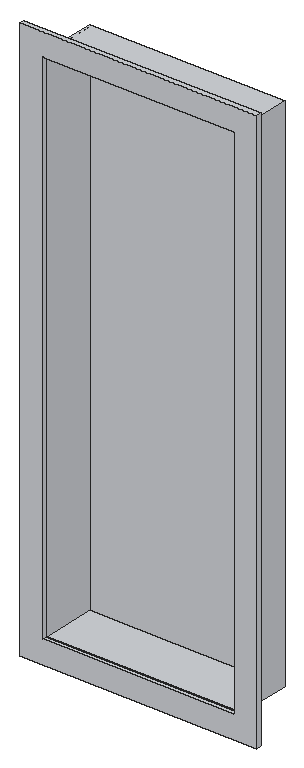
Revit family "Hager-VOLTA-Hollow_wall-Other-Without_Cover-Without_DIN-NoHosted-CH-fr", category Electrical Equipment, Revit 2023
Family settings
  Panel Configuration = Two Columns, Circuits Across
  Round Connector Dimension = Use Diameter
  Part Type = Panelboard
  Work Plane-Based = Yes
  Always vertical = Yes
  Cut with Voids When Loaded = No
  Maintain Annotation Orientation = No
  Shared = No
  Room Calculation Point = No
Parameters (values of type "VOLTA-Hollow_wall_W348_H880_D98_12_Modular_Spacing-VH60NK")
  Width Control [instance] = if([HG000006-Encastré], if([EF000846 - largeur d'encastrement] > min_whd, [EF000846 - largeur d'encastrement], min_whd), if([EF000008 - largeur] > min_whd, ([EF000008 - largeur]), min_whd))  # 314 mm
  Void Depth [instance] = if([EF000218 - profondeur de montage] > 1 mm, [EF000218 - profondeur de montage], 1 mm)  # 90 mm
  Uniformat code = "D501001"
  Uniformat = "Low Tension Service & Dist."
  Référence = ""
  HGEF0002950-largeur en nombre de modules = 12
  HGEF000266-Nombre de rangées = 5
  HG000131 - Functional label [instance] = ""
  HG000130 - Functional name [instance] = ""
  HG000099-ID modèle Onfly = "507532"
  HG000059-tension d'utilisation [instance] = 230 V
  HG000017-Distance entre pôles = 18 mm
  HG000016-Visibilité de la porte 3D = yes
  HG000015-Visibilité de l'emprise de la porte = yes
  HG000014-Porte à droite = yes
  HG000013-Porte à gauche = no
  HG000012-Angle de pivotement de la porte = 90.00°
  HG000011-Rangées du bas vides = no
  HG000010-Portes asymétriques = no
  HG000009-Porte à double battant = no
  HG000008-Nombre de rangées vides = 0
  HG000007-Nombre de colonnes vides = 0
  HG000006-Encastré = yes
  HG000005-Epaisseur = 2 mm
  HG000004-Référence fabricant = "VH60NK"
  HG000003-Gamme = "VOLTA"
  HG000002-avec porte = no
  HG000001-nombre de colonnes = 0
  ETIM class name = "Small distribution board"
  ETIM class code = "EC000214"
  EF015941 - porte de transmission du signal = no
  EF015777 - borne à conducteur neutre = no
  EF015776 - borne de mise à la terre = no
  EF009212 - type de couvercle = ""
  EF006306 - avec serrure = no
  EF006244 - couvercle/porte transparente = no
  EF005474 - indice de protection (IP) = "autre"
  EF004464 - type de porte = ""
  EF004462 - type de fermeture = "autre"
  EF002950 - nombre d'unités modulaires = 12
  EF001596 - matériau du boîtier = ""
  EF001134 - rail DIN = no
  EF001131 - profondeur interne = 0 mm
  EF001088 - possibilité de montage adossé = yes
  EF001062 - version CEM = no
  EF000846 - largeur d'encastrement = 314 mm
  EF000339 - type de couverture = ""
  EF000332 - hauteur d'installation = 846 mm
  EF000266 - nombre de rangées = 5
  EF000218 - profondeur de montage = 90 mm
  EF000118 - avec plaque de montage = no
  EF000116 - numéro RAL = 9010
  EF000049 - profondeur = 98 mm
  EF000040 - hauteur = 880 mm
  EF000024 - résiste aux UV = no
  EF000008 - largeur = 348 mm
  EF000007 - couleur = "blanc"
  EF000003 - mode de montage = "paroi creuse"
  Type Comments = ""
  System Height [instance] = Height Control - 2 * [HG000005-Epaisseur]  # 842 mm
  Reference description = ""
  Reference = "VOLTA-Hollow_wall_W348_H880_D98_12_Modular_Spacing-VH60NK"
  Panel Name [instance] = ""  # (empty or 0)
  Offset [instance] = 0 mm
  Object type = ""
  Name hager = "ADD_Enclosures_EC000214"
  Name BIM&CO = "Electricity"
  Name = "VOLTA-Hollow_wall-Other-Without_Cover-Without_DIN-CH"
  Model = ""
  Level Offset [instance] = [Flush Mounted - Door Frame Width] + Offset  # 34 mm
  HG000060-RAL-number = "9010"
  GTIN (Global Trade Item Number) = ""
  Description = ""
  Default Elevation = 1200 mm
  Creation Date = "12/15/2025 21:43:36"
  Code hager = "ADD-EC000214_EU"
  Code Uniformat = ""
  BIM&CO code = ""
  BC_VARIANT_ID = "1174143"
  BC_OBJECT_VERSION = "#9"  # constant formula
  BC_OBJECT_ID = "513470"  # constant formula
  BC_MODEL_ID = "1547120"  # constant formula
  BC_METADATA = "{\"ObjectGuid\":\"bc35c96e-cb38-443e-833d-0616858cb9ac\",\"ModelGuid\":\"8af03f69-2293-4735-a617-cc53adf55621\",\"VariantGuid\":\"8b6e323b-1b53-409a-a940-11b5a7fc5337\",\"Revision\":\"#4\",\"VariantName\":\"Template-Enclosure_EU-EC000214\"}"
  Arrow Offset [instance] = Depth Control / 8  # 11.25 mm
  Arrow Height [instance] = Depth Control - Arrow Offset  # 78.75 mm
  Host Offset [instance] = if([HG000006-Encastré], 0 mm, [EF000049 - profondeur])  # 0 mm
  min_whd [instance] = (2 * [HG000005-Epaisseur]) + 1 mm  # 5 mm
  Manufacturer = "Hager"  # constant formula
  Height Control [instance] = if([HG000006-Encastré], if([EF000332 - hauteur d'installation] > min_whd, [EF000332 - hauteur d'installation], min_whd), if([EF000040 - hauteur] > min_whd, ([EF000040 - hauteur]), min_whd))  # 846 mm
  Flush Mounted - Door Frame Width [instance] = if(([EF000040 - hauteur] - [EF000332 - hauteur d'installation]) > 0 mm, if([HG000006-Encastré], [EF000040 - hauteur] - [EF000332 - hauteur d'installation], 0 mm), 0 mm)  # 34 mm
  Depth Control [instance] = if([HG000006-Encastré], if([EF000218 - profondeur de montage] > 0 mm, [EF000218 - profondeur de montage], 1 mm), if([EF000049 - profondeur] > 0 mm, ([EF000049 - profondeur]), 1 mm))  # 90 mm
Types (5, lengths in mm): name | HGEF000266-Nombre de rangées | HG000004-Référence fabricant | EF009212 - type de couvercle | EF004462 - type de fermeture | EF001062 - version CEM | EF000332 - hauteur d'installation | EF000266 - nombre de rangées | EF000049 - profondeur | EF000040 - hauteur | EF000008 - largeur | System Height | Reference | Level Offset | BC_VARIANT_ID | Height Control | Flush Mounted - Door Frame Width
  VOLTA-Hollow_wall_W330_H355_D94_12_Modular_Spacing-VH12NK | 1 | "VH12NK" | "fermé" | "" | yes | 346 | 1 | 94 | 355 | 330 | 342 | "VOLTA-Hollow_wall_W330_H355_D94_12_Modular_Spacing-VH12NK" | 9 | "1174126" | 346 | 9
  VOLTA-Hollow_wall_W348_H505_D98_12_Modular_Spacing-VH24NK | 2 | "VH24NK" | "" | "autre" | no | 471 | 2 | 98 | 505 | 348 | 467 | "VOLTA-Hollow_wall_W348_H505_D98_12_Modular_Spacing-VH24NK" | 34 | "1174131" | 471 | 34
  VOLTA-Hollow_wall_W348_H630_D98_12_Modular_Spacing-VH36NK | 3 | "VH36NK" | "" | "autre" | no | 596 | 3 | 98 | 630 | 348 | 592 | "VOLTA-Hollow_wall_W348_H630_D98_12_Modular_Spacing-VH36NK" | 34 | "1174136" | 596 | 34
  VOLTA-Hollow_wall_W348_H755_D98_12_Modular_Spacing-VH48NK | 4 | "VH48NK" | "" | "autre" | no | 721 | 4 | 98 | 755 | 348 | 717 | "VOLTA-Hollow_wall_W348_H755_D98_12_Modular_Spacing-VH48NK" | 34 | "1174140" | 721 | 34
  VOLTA-Hollow_wall_W348_H880_D98_12_Modular_Spacing-VH60NK | 5 | "VH60NK" | "" | "autre" | no | 846 | 5 | 98 | 880 | 348 | 842 | "VOLTA-Hollow_wall_W348_H880_D98_12_Modular_Spacing-VH60NK" | 34 | "1174143" | 846 | 34
Reference planes
  plane 1 "Center (Front/Back)": y = 0
  plane 2: z = 0
  plane 3 "Center (Left/Right)": x = 0
  plane 4: y = 36
  plane 5: y = 90
  plane 6: y = 34
  plane 7: z = 0
  plane 8: x = -157
  plane 9: x = 157
  plane 10: x = 155
  plane 11: x = -155
  plane 12: z = 34
  plane 13: z = 36
  plane 14: y = 5
  plane 15: y = 0
  plane 16: y = 88
  plane 17: z = 878
  plane 18: z = 880
  plane 19: z = 457
  plane 20: x = 0
  plane 21: y = -100
  plane 22 "Annotation H": y = -300
  plane 23 "Annotation V": x = 357
Forms (mm)
  Extrusion 1, solid
    sketch origin (-208.679, -4572, 34) x (-1, 0, 0) y (0, -1, 0)
      loop
        line (-51.679, -4572) -> (-365.679, -4572) -> (-365.679, -4662) -> (-51.679, -4662) -> (-51.679, -4572)
    from 0 to 846 <- "Height Control"
  Extrusion 2, void
    sketch origin (-350.771, 0, 1219.2) x (1, 0, 0) y (0, 0, 1)
      loop
        line (195.771, -341.2) -> (195.771, -1183.2) -> (505.771, -1183.2) -> (505.771, -341.2) -> (195.771, -341.2)
    from 0 to -88
  Extrusion 3, solid, detail levels coarse+medium
    sketch origin (-350.771, 0, 1219.2) x (-1, 0, 0) y (0, 0, 1)
      loop
        line (-195.771, -341.2) -> (-505.771, -341.2) -> (-505.771, -1183.2) -> (-195.771, -1183.2) -> (-195.771, -341.2)
    from 0 to 2 <- "HG000005-Epaisseur"
Cuts and joins
  Extrusion 2 cuts Extrusion 1
Dimensions and locks
  "Flush Mounted - Door Frame Width": plane 1 "Center (Front/Back)" to plane 6
  "HG000005-Epaisseur": plane 4 to plane 6
  "HG000005-Epaisseur": plane 8 to plane 11
  "HG000005-Epaisseur": plane 9 to plane 10
  equal spacing: plane 8, plane 3 "Center (Left/Right)", plane 9
  "Width Control": plane 8 to plane 9
  locked: plane 14 to plane 15 at 5
  "Host Offset": plane 1 "Center (Front/Back)" to plane 15
  "Depth Control": plane 5 to plane 15
  "HG000005-Epaisseur": plane 5 to plane 16
  "HG000005-Epaisseur": plane 13 to plane 12
  "Level Offset": plane 12 to level
  "HG000005-Epaisseur": plane 18 to plane 17
  "Height Control": plane 18 to plane 12
  "Arrow Offset": plane 5 to nested 4
  equal spacing: plane 18, plane 19, plane 12
  locked: connector elem to plane 19
  locked: connector elem to plane 3 "Center (Left/Right)"
  Extrusion 2 sketch curve to Extrusion 2 sketch curve to plane 9 = 310 mm, 2 mm
  locked: plane 9 to plane 23 "Annotation V" at 200
  locked: plane 22 "Annotation H" to plane 1 "Center (Front/Back)" at 300
  aligned and locked: nested 1 to plane 14
  aligned and locked: plane 3 "Center (Left/Right)" to nested 1
  aligned and locked: plane 3 "Center (Left/Right)" to nested 2
  aligned and locked: nested 2 to plane 15
  aligned and locked: plane 5 to Extrusion 1
  aligned and locked: Extrusion 3 sketch curve to plane 17
  aligned and locked: Extrusion 3 sketch curve to plane 11
  aligned and locked: plane 13 to Extrusion 3 sketch curve
  aligned and locked: Extrusion 3 sketch curve to plane 10
  aligned and locked: plane 13 to Extrusion 2 sketch curve
  aligned and locked: Extrusion 2 sketch curve to plane 17
  aligned and locked: plane 16 to Extrusion 2
  aligned and locked: plane 5 to Extrusion 1 sketch curve
  aligned and locked: plane 9 to Extrusion 1 sketch curve
  aligned and locked: plane 8 to Extrusion 1 sketch curve
  aligned and locked: plane 8 to nested 4
  aligned and locked: plane 8 to nested 3
  aligned and locked: nested 3 to plane 5
  aligned and locked: Extrusion 1 sketch curve to plane 15
  aligned and locked: Extrusion 2 to plane 15
  aligned and locked: nested 5 to plane 22 "Annotation H"
  aligned and locked: plane 23 "Annotation V" to nested 5
  aligned and locked: plane 11 to Extrusion 2
  aligned and locked: plane 10 to Extrusion 2
Nested families
  nested 1: "Hager_Enclosure_System" at (0, 5, 36), Height <- "System Height", Width_Control <- "Width Control", Built-in_Width <- "EF000846 - largeur d'encastrement", Width <- "EF000008 - largeur", Depth <- "HG000005-Epaisseur", Border <- "HG000005-Epaisseur", Distance_Between_Poles <- "HG000017-Distance entre pôles", Flush_Mounted <- "HG000006-Encastré", Empty_Columns <- "HG000007-Nombre de colonnes vides", Total_No_Empty_Rows <- "HG000008-Nombre de rangées vides", Empty_Rows_From_Bottom <- "HG000011-Rangées du bas vides", Columns_Count <- "HG000001-nombre de colonnes", Rows_Count <- "HGEF000266-Nombre de rangées", Row_Module_Multiplicator <- "HGEF0002950-largeur en nombre de modules", type "Hager_Enclosure_System", detail levels medium+fine
    with Width_Control 314 mm, Width 348 mm, Total_No_Rows 5, Total_No_Empty_Rows 0, Total_No_Columns 1, System_Width 310 mm, Rows_Count 5, Rows_Column 5, Row_Module_Multiplicator 12, Panel_4 no, Panel_3 no, Panel_2 no, Panel_1 no, No_Panels_Ctrl 1, Hide_Columns yes, Height 842 mm, Flush_Mounted yes, Empty_Rows_From_Bottom no, Empty_Rows_Column 0, Empty_Columns 0, Empty column 4 0, Empty column 3 0, Empty column 2 0, Empty column 1 0, Distance_Between_Poles 18 mm, Depth 2 mm, Columns_Count 0, Column_Width 310 mm, Built-in_Width 314 mm, Border 2 mm
  nested 2: "Hager_Enclosure_Door" at (0, 0, 34), Height_Ctrl <- "Height Control", Width_Ctrl <- "Width Control", BuiltIn_Depth <- "EF000218 - profondeur de montage", Depth <- "EF000049 - profondeur", BuiltIn_Width <- "EF000846 - largeur d'encastrement", Height <- "EF000040 - hauteur", BuiltIn_Height <- "EF000332 - hauteur d'installation", Width <- "EF000008 - largeur", Transparent <- "EF006244 - couvercle/porte transparente", Border <- "HG000005-Epaisseur", Door <- "HG000002-avec porte", Flush_Mounted <- "HG000006-Encastré", Double <- "HG000009-Porte à double battant", Assymetrical <- "HG000010-Portes asymétriques", Angle <- "HG000012-Angle de pivotement de la porte", Door_Left <- "HG000013-Porte à gauche", Door_Right <- "HG000014-Porte à droite", Clearance <- "HG000015-Visibilité de l'emprise de la porte", 3d_Door <- "HG000016-Visibilité de la porte 3D", type "Hager_Enclosure_Door", detail levels medium+fine
    with min_wh 5 mm, Width_Ctrl 314 mm, Width 348 mm, Transparent_Door_No_Bottom_Border no, Transparent no, Leaf_Width 307 mm, Leaf_Tolerance 1.5 mm, Leaf_Height 839 mm, Leaf_2_Width 307 mm, Leaf_2_Offset 153.5 mm, Leaf_1_Width 307 mm, Leaf_1_Offset 153.5 mm, Height_Ctrl 846 mm, Height 880 mm, Frame_Width_Ctrl 34 mm, Frame_Width 34 mm, Frame_Internal_Offset 2 mm, Frame_Height_Ctrl 34 mm, Frame_Height 34 mm, Frame_Depth_Ctrl 8 mm, Frame_Depth 8 mm, Flush_Mounted yes, Double_Clearance_Ctrl no, Double no, Door_Right_Ctrl no, Door_Right yes, Door_Left_Ctrl no, Door_Left no, Door no, Depth 98 mm, Clearance_Depth 307 mm, Clearance_Ctrl yes, Clearance yes, BuiltIn_Width 314 mm, BuiltIn_Height 846 mm, BuiltIn_Depth 90 mm, Border 2 mm, Assymetrical no, Angle 90.00°, 3d_Door yes
  nested 3: "Hager_Enclosure_Symbol_Triangle" at (-157, 90, 0), Depth <- "Depth Control", Width <- "Width Control", type "Hager_Enclosure_Symbol_Triangle"
    with Width_Ctrl 314 mm, Width 314 mm, Depth_Ctrl 90 mm, Depth 90 mm
  nested 4: "Hager_Enclosure_Symbol_Arrow" at (-157, 78.75, 0), Height <- "Arrow Height", type "Hager_Enclosure_Symbol_Arrow"
    with Width_Inside 5.906 mm, Width 70.875 mm, Height_Ctrl 78.75 mm, Height 78.75 mm
  nested 5: "Hager_Annotation-HG000130" at (357, -300, 0), HG000130 - Functional name <- "HG000130 - Functional name", type "Hager_Annotation-HG000130"
    with HG000130 - Functional name ""
Connectors
  electrical at (0, 90, 457), driven by "HG000059-tension d'utilisation"
    settings: on plane 5, index 1, voltage 230 V, apparent load 0 VA, apparent load phase1 0 VA, apparent load phase2 0 VA, apparent load phase3 0 VA, power factor 1, load classification "Other", number of poles 1, system type 30, power factor state 1, is connector primary yes, connector utility no, sub classification motor no, connector description ""
Definition of nested family "Hager_Enclosure_Door"
  Parameters (values of type "Hager_Enclosure_Door")
    min_wh [instance] = (2 * Border) + 1 mm  # 11 mm
    Width_Ctrl [instance] = 400 mm
    Width [instance] = 500 mm
    Transparent_Door_No_Bottom_Border [instance] = no
    Transparent [instance] = yes
    Leaf_Width [instance] = if((Width_Ctrl - 2 * Border - 2 * Leaf_Tolerance) > 0 mm, (Width_Ctrl - 2 * Border - 2 * Leaf_Tolerance), min_wh)  # 387 mm
    Leaf_Tolerance [instance] = 1.5 mm  # constant formula
    Leaf_Height [instance] = if((Height_Ctrl - 2 * Border - 2 * Leaf_Tolerance) > 0 mm, (Height_Ctrl - 2 * Border - 2 * Leaf_Tolerance), min_wh)  # 387 mm
    Leaf_2_Width [instance] = if(and(and(Double, Assymetrical), Door_Left), (Leaf_Width / 3) - (Leaf_Tolerance / 2), if(and(and(Double, Assymetrical), Door_Right), (Leaf_Width / 3) * 2 - (Leaf_Tolerance / 2), if(and(Double, not(Assymetrical)), (Leaf_Width / 2) - Leaf_Tolerance, Leaf_Width)))  # 387 mm
    Leaf_2_Offset [instance] = if(and(Double, Assymetrical), Leaf_2_Width / 2, if(and(Double, not(Assymetrical)), Leaf_Width / 4, Leaf_Width / 2))  # 193.5 mm
    Leaf_1_Width [instance] = if(and(and(Double, Assymetrical), Door_Right), (Leaf_Width / 3) - (Leaf_Tolerance / 2), if(and(and(Double, Assymetrical), Door_Left), (Width / 3) * 2 - (Leaf_Tolerance / 2), if(and(Double, not(Assymetrical)), (Leaf_Width / 2) - Leaf_Tolerance, Leaf_Width)))  # 387 mm
    Leaf_1_Offset [instance] = if(and(Double, Assymetrical), Leaf_1_Width / 2, if(and(Double, not(Assymetrical)), Leaf_Width / 4, Leaf_Width / 2))  # 193.5 mm
    Height_Ctrl [instance] = 400 mm
    Height [instance] = 500 mm
    Frame_Width_Ctrl [instance] = if(Frame_Width > 0 mm, Frame_Width, 1 mm)  # 1 mm
    Frame_Width [instance] = Width - BuiltIn_Width  # 0 mm
    Frame_Internal_Offset [instance] = if(Flush_Mounted, Border, 0 mm)  # 5 mm
    Frame_Height_Ctrl [instance] = if(Frame_Height > 0 mm, Frame_Height, 1 mm)  # 1 mm
    Frame_Height [instance] = Height - BuiltIn_Height  # 0 mm
    Frame_Depth_Ctrl [instance] = if(Frame_Depth > 0 mm, Frame_Depth, 1 mm)  # 1 mm
    Frame_Depth [instance] = if(Depth - BuiltIn_Depth > 0 mm, if(Flush_Mounted, Depth - BuiltIn_Depth, 0 mm), 0 mm)  # 0 mm
    Flush_Mounted [instance] = yes
    Double_Clearance_Ctrl [instance] = and(Double, Clearance)  # no
    Double [instance] = no
    Door_Right_Ctrl [instance] = and(or(Door_Right, Double), Door)  # yes
    Door_Right [instance] = yes
    Door_Left_Ctrl [instance] = and(or(Door_Left, Double), Door)  # no
    Door_Left [instance] = no
    Door [instance] = yes
    Depth [instance] = 500 mm
    Default Elevation = 1219.2 mm
    Clearance_Material = none
    Clearance_Depth [instance] = if(Leaf_1_Width > Leaf_2_Width, Leaf_1_Width, Leaf_2_Width)  # 387 mm
    Clearance_Ctrl [instance] = and(not(Double), Clearance)  # yes
    Clearance [instance] = yes
    BuiltIn_Width [instance] = 500 mm
    BuiltIn_Height [instance] = 500 mm
    BuiltIn_Depth [instance] = 500 mm
    Border [instance] = 5 mm
    Assymetrical [instance] = yes
    Angle [instance] = 30.00°
    3d_Door [instance] = yes
  Reference planes
    plane 1 "Center (Front/Back)": y = 0
    plane 2 "Bottom": z = 0
    plane 3 "Center (Left/Right)": x = 0
    plane 4: z = 400
    plane 5: x = -200
    plane 6: x = 200
    plane 7: z = 395
    plane 8: x = -195
    plane 9: z = 5
    plane 10: x = 195
    plane 11: y = 0
    plane 12: z = 6.5
    plane 13: x = -582
    plane 14: y = -387
    plane 15: x = 582
    plane 16: x = 0
    plane 17: x = 0
    plane 18: x = -193.5
    plane 19: x = 193.5
    plane 20: z = 393.5
  Forms (mm)
    Extrusion 1, solid, visible <- "Flush_Mounted"
      sketch origin (0, 0, 0) x (1, 0, 0) y (0, 0, 1)
        loop
          line (195, 5) -> (195, 395) -> (-195, 395) -> (-195, 5) -> (195, 5)
        loop
          line (-201, 401) -> (-201, -1) -> (201, -1) -> (201, 401) -> (-201, 401)
      from 0 to 1 <- "Frame_Depth_Ctrl"
    Extrusion 2, solid, material <- "Clearance_Material", visible <- "Double_Clearance_Ctrl"
      sketch origin (1200, 0, 0) x (1, 0, 0) y (0, 0, -1)
        loop
          line (-1782, -393.5) -> (-618, -393.5) -> (-618, 0) -> (-1782, 0) -> (-1782, -393.5)
      from 0 to -387
  Dimensions and locks
    equal spacing: plane 5, plane 3 "Center (Left/Right)", plane 6
    "Width_Ctrl": plane 5 to plane 6
    "Border": plane 5 to plane 8
    "Border": plane 6 to plane 10
    "Border": plane 9 to level
    "Border": plane 4 to plane 7
    "Height_Ctrl": plane 4 to level
    "Leaf_Tolerance": plane 12 to plane 9
    "Frame_Depth": plane 11 to plane 1 "Center (Front/Back)"
    "Frame_Width_Ctrl": plane 5 to Extrusion 1 sketch curve
    "Frame_Width_Ctrl": plane 6 to Extrusion 1 sketch curve
    "Frame_Width_Ctrl": Extrusion 1 sketch curve to plane 4
    "Frame_Width_Ctrl": plane 2 "Bottom" to Extrusion 1 sketch curve
    "Leaf_1_Offset": plane 18 to plane 16
    "Leaf_2_Offset": plane 17 to plane 19
    "Leaf_1_Width": plane 13 to plane 8
    "Leaf_2_Width": plane 10 to plane 15
    "Clearance_Depth": plane 14 to plane 1 "Center (Front/Back)"
    "Leaf_Tolerance": plane 8 to plane 18
    "Leaf_Tolerance": plane 19 to plane 10
    "Leaf_Tolerance": plane 7 to plane 20
    "Frame_Internal_Offset": plane 5 to Extrusion 1 sketch curve
    "Frame_Internal_Offset": Extrusion 1 sketch curve to plane 2 "Bottom"
    "Frame_Internal_Offset": plane 6 to Extrusion 1 sketch curve
    "Frame_Internal_Offset": plane 4 to Extrusion 1 sketch curve
    aligned and locked: level to plane 2 "Bottom"
    aligned and locked: nested 1 to plane 16
    aligned and locked: nested 2 to plane 17
    aligned and locked: Extrusion 2 to plane 13
    aligned and locked: plane 15 to Extrusion 2
    aligned and locked: Extrusion 2 to plane 14
    aligned and locked: plane 12 to nested 1
    aligned and locked: nested 2 to plane 12
    aligned and locked: Extrusion 2 to plane 11
    aligned and locked: plane 20 to Extrusion 2
    aligned and locked: nested 2 to plane 11
    aligned and locked: nested 1 to plane 11
  Automatic sketch dimensions
    Extrusion 2 sketch curve to level = 0 mm
    plane 5 to Extrusion 2 sketch curve = 382 mm
    plane 6 to Extrusion 2 sketch curve = 382 mm
    Extrusion 2 sketch curve to plane 4 = 6.5 mm
  Nested families
    nested 1: "Hager_Enclosure_Door_Leaf" at (0, 0, 6.5), Width <- "Leaf_1_Width", visible <- "Door_Left_Ctrl", Leaf_Height <- "Leaf_Height", Angle <- "Angle", Depth <- "Border", 3d_Door <- "3d_Door", Transparent <- "Transparent", Clearance Material <- "Clearance_Material", Clearance <- "Clearance_Ctrl", Transparent_Door_No_Bottom_Border <- "Transparent_Door_No_Bottom_Border", type "Hager_Enclosure_Door_Leaf"
      with Width 387 mm, Transparent_Door_No_Bottom_Border no, Transparent_Door_Border_Bottom_Top 25 mm, Transparent_Door_Border 25 mm, Transparent_Ctrl yes, Transparent yes, Standard no, Leaf_Height 387 mm, Glass_Offset 1 mm, Depth 5 mm, Clearance Material none, Clearance yes, Angle_Ctrl 30.00°, Angle 30.00°, 3d_Door yes
    nested 2: "Hager_Enclosure_Door_Leaf" at (0, 0, 6.5) x (-1, 0, 0) z (0, 0, 1), Width <- "Leaf_2_Width", visible <- "Door_Right_Ctrl", Leaf_Height <- "Leaf_Height", Angle <- "Angle", Depth <- "Border", 3d_Door <- "3d_Door", Transparent <- "Transparent", Clearance Material <- "Clearance_Material", Clearance <- "Clearance_Ctrl", Transparent_Door_No_Bottom_Border <- "Transparent_Door_No_Bottom_Border", type "Hager_Enclosure_Door_Leaf"
      with Width 387 mm, Transparent_Door_No_Bottom_Border no, Transparent_Door_Border_Bottom_Top 25 mm, Transparent_Door_Border 25 mm, Transparent_Ctrl yes, Transparent yes, Standard no, Leaf_Height 387 mm, Glass_Offset 1 mm, Depth 5 mm, Clearance Material none, Clearance yes, Angle_Ctrl 30.00°, Angle 30.00°, 3d_Door yes
  Definition of nested family "Hager_Enclosure_Door_Leaf"
    Parameters (values of type "Hager_Enclosure_Door_Leaf")
      Width [instance] = 2000 mm
      Transparent_Door_No_Bottom_Border [instance] = yes
      Transparent_Door_Border_Bottom_Top [instance] = if(Transparent_Door_No_Bottom_Border, 0.1 mm, Transparent_Door_Border)  # 0.1 mm
      Transparent_Door_Border [instance] = if(Transparent_Door_No_Bottom_Border, (Width * 0.12), 25 mm)  # 240 mm
      Transparent_Ctrl [instance] = and(Transparent, [3d_Door])  # yes
      Transparent [instance] = yes
      Standard [instance] = and(not(Transparent), [3d_Door])  # no
      Leaf_Height [instance] = 2720.336 mm
      Glass_Offset [instance] = if((Depth - 10 mm) / 2 > 0 mm, (Depth - 10 mm) / 2, 1 mm)  # 15 mm
      Glass_Material = none
      Depth [instance] = 40 mm
      Default Elevation = 0 mm
      Clearance Material [instance] = none
      Clearance [instance] = yes
      Angle_Ctrl [instance] = if(Angle > 170.00°, 170.00°, Angle)  # 45.00°
      Angle [instance] = 45.00°
      3d_Door [instance] = yes
    Reference planes
      plane 1 "Center (Front/Back)": y = 0
      plane 2: z = 0
      plane 3 "Center (Left/Right)": x = 0
      plane 4: y = 2000
      plane 5: x = -1000
      plane 6: x = 1000
      plane 7: x = -3000
      plane 8: z = 2720.336
      plane 9: z = 0.1
      plane 10: z = 2720.236
      plane 11: x = 760
      plane 12: x = -760
    Forms (mm)
      Extrusion 1, solid, material <- "Clearance Material", visible <- "Clearance"
        sketch origin (0, 0, 0) x (1, 0, 0) y (0, 0, 1)
          loop
            line (-3000, 2720.336) -> (-3000, 0) -> (1000, 0) -> (1000, 2720.336) -> (-3000, 2720.336)
        from 0 to -2000
      Extrusion 2, solid, visible <- "Standard", detail levels medium+fine
        sketch origin (-1000, 0, 0) x (0.707107, 0.707107, 0) y (-0.707107, 0.707107, 0)
          loop
            line (0, -40) -> (2000, -40) -> (2000, 0) -> (0, 0) -> (0, -40)
        from 0 to 2720.336 <- "Leaf_Height"
      Extrusion 3, solid, visible <- "Transparent_Ctrl", detail levels medium+fine
        sketch origin (-1000, 0, 0) x (0.707107, 0.707107, 0) y (-0.707107, 0.707107, 0)
          loop
            line (0, -40) -> (2000, -40) -> (2000, 0) -> (0, 0) -> (0, -40)
        from 0 to 2720.336 <- "Leaf_Height"
      Extrusion 4, void, detail levels medium+fine
        sketch origin (-1000, 0, 0) x (-0.707107, 0.707107, 0) y (0.707107, 0.707107, 0)
          loop
            line (0, 240) -> (0, 1760) -> (-40, 1760) -> (-40, 240) -> (0, 240)
        from -2720.236 to -0.1
      Extrusion 5, solid, material <- "Glass_Material", visible <- "Transparent_Ctrl", detail levels medium+fine
        sketch origin (-1000, 0, 0) x (0.707107, 0.707107, 0) y (-0.707107, 0.707107, 0)
          loop
            line (240, -15) -> (240, -25) -> (1760, -25) -> (1760, -15) -> (240, -15)
        from 0.1 to 2720.236
    Cuts and joins
      Extrusion 4 cuts Extrusion 3
    Lines and regions (mm)
      symbolic lines
        curve 1: line (1000, 0, 0) -> (-3000, 0, 0)
        curve 2: arc (1000, 0, 0) -> (-1000, 2000, 0) -> (-3000, 0, 0) r 2000
        curve 4: line (-1000, 0, 0) -> (414.214, 1414.214, 0)
      reference lines
        curve 3: line (-1000, 0, 0) -> (414.214, 1414.214, 0)
      symbolic lines, detail levels medium+fine
        curve 5: line (414.214, 1414.214, 0) -> (442.498, 1385.929, 0)
        curve 6: line (442.498, 1385.929, 0) -> (-971.716, -28.284, 0)
        curve 7: line (-971.716, -28.284, 0) -> (-1000, 0, 0)
        curve 8: line (-1000, 0, 2720.336) -> (1000, 0, 2720.336)
        curve 9: line (-1000, 0, 0) -> (-1000, 0, 2720.336)
        curve 10: line (1000, 0, 0) -> (-1000, 0, 0)
        curve 11: line (1000, 0, 2720.336) -> (1000, 0, 0)
      symbolic lines, visible <- "Transparent_Ctrl", detail levels medium+fine
        curve 12: line (-760, 0, 2720.236) -> (760, 0, 2720.236)
        curve 13: line (-760, 0, 0.1) -> (-760, 0, 2720.236)
        curve 14: line (760, 0, 0.1) -> (-760, 0, 0.1)
        curve 15: line (760, 0, 2720.236) -> (760, 0, 0.1)
    Dimensions and locks
      "Width": plane 1 "Center (Front/Back)" to plane 4
      equal spacing: plane 5, plane 3 "Center (Left/Right)", plane 6
      "Width": plane 5 to plane 6
      "Width": plane 7 to plane 5
      "Leaf_Height": plane 8 to level
      "Depth": curve 6 to curve 3
      "Width": curve 5 to curve 3
      "Width": curve 3 to curve 3
      "Transparent_Door_Border": Extrusion 4 sketch curve to curve 7
      "Transparent_Door_Border": Extrusion 4 sketch curve to curve 5
      "Transparent_Door_Border_Bottom_Top": plane 8 to plane 10
      "Transparent_Door_Border_Bottom_Top": plane 9 to level
      "Glass_Offset": Extrusion 5 sketch curve to curve 4
      "Glass_Offset": Extrusion 5 sketch curve to curve 6
      "Transparent_Door_Border": Extrusion 5 sketch curve to curve 5
      "Transparent_Door_Border": Extrusion 5 sketch curve to curve 7
      "Transparent_Door_Border": plane 12 to plane 5
      "Transparent_Door_Border": plane 6 to plane 11
      "Angle_Ctrl": angle plane 1 "Center (Front/Back)" to curve 3
      aligned and locked: level to plane 2
      aligned and locked: Extrusion 1 to curve 1
      aligned and locked: plane 6 to Extrusion 1
      aligned and locked: Extrusion 1 to plane 1 "Center (Front/Back)"
      aligned and locked: plane 4 to Extrusion 1
      aligned and locked: plane 8 to Extrusion 1
      aligned and locked: curve 4 to curve 3
      aligned and locked: Extrusion 2 sketch curve to curve 7
      aligned and locked: Extrusion 2 sketch curve to curve 6
      aligned and locked: Extrusion 2 sketch curve to curve 5
      aligned and locked: Extrusion 2 sketch curve to curve 3
      aligned and locked: curve 7 to Extrusion 3 sketch curve
      aligned and locked: Extrusion 3 sketch curve to curve 4
      aligned and locked: Extrusion 3 sketch curve to curve 6
      aligned and locked: Extrusion 3 sketch curve to curve 5
      aligned and locked: curve 4 to Extrusion 4 sketch curve
      aligned and locked: curve 6 to Extrusion 4 sketch curve
      aligned and locked: Extrusion 4 to plane 9
      aligned and locked: Extrusion 4 to plane 10
      aligned and locked: Extrusion 5 to plane 9
      aligned and locked: Extrusion 5 to plane 10
      aligned and locked: curve 8 to plane 8
      aligned and locked: plane 5 to curve 9
      aligned and locked: plane 2 to curve 10
      aligned and locked: curve 11 to plane 6
      aligned and locked: plane 10 to curve 12
      aligned and locked: plane 12 to curve 13
      aligned and locked: curve 14 to plane 9
      aligned and locked: plane 11 to curve 15
    Automatic sketch dimensions
      plane 1 "Center (Front/Back)" to curve 2 = 0 mm
      curve 2 to plane 5 = 0 mm
      Extrusion 1 sketch curve to level = 0 mm
      Extrusion 1 sketch curve to plane 7 = 0 mm
      Extrusion 1 sketch curve to plane 6 = 0 mm
      Extrusion 1 sketch curve to plane 8 = 0 mm
      plane 1 "Center (Front/Back)" to curve 3 = 0 mm
      curve 3 to plane 5 = 0 mm
      curve 7 to curve 3 = 0 mm
Definition of nested family "Hager_Enclosure_Symbol_Triangle"
  Parameters (values of type "Hager_Enclosure_Symbol_Triangle")
    Width_Ctrl [instance] = if(Width > 1 mm, Width, 1 mm)  # 498 mm
    Width [instance] = 498 mm
    Depth_Ctrl [instance] = if(Depth > 1 mm, Depth, 1 mm)  # 72 mm
    Depth [instance] = 72 mm
  Reference planes
    plane 1 "Centre (avant/arrière)": y = 0
    plane 2: z = 0
    plane 3 "Centre (gauche/droite)": x = 0
  Lines and regions (mm)
    Filled region 1, type "Solid_Black", in view "Niveau de réf."
      outline origin (0, 0, 0) x (1, 0, 0) y (0, 1, 0)
        loop
          line (0, 0) -> (498, 0) -> (498, 72) -> (0, 0)
    reference lines, in view "Niveau de réf."
      curve 1: line (-206.153, 72, 0) -> (1083.258, 72, 0)
      curve 2: line (498, 405.456, 0) -> (498, -517.619, 0)
  Dimensions and locks
    "Depth_Ctrl": plane 1 "Centre (avant/arrière)" to curve 1
    "Width_Ctrl": plane 3 "Centre (gauche/droite)" to curve 2
    aligned and locked: curve 1 to Filled region 1 sketch curve
    aligned and locked: Filled region 1 sketch curve to plane 1 "Centre (avant/arrière)"
    aligned and locked: curve 2 to Filled region 1 sketch curve
    aligned and locked: plane 3 "Centre (gauche/droite)" to Filled region 1 sketch curve
    aligned and locked: plane 1 "Centre (avant/arrière)" to Filled region 1 sketch curve
  Automatic sketch dimensions
    curve 1 to plane 3 "Centre (gauche/droite)" = 206.153 mm
    curve 2 to curve 1 = 585.258 mm
    plane 1 "Centre (avant/arrière)" to curve 2 = 517.619 mm
    curve 2 to plane 1 "Centre (avant/arrière)" = 405.456 mm
Definition of nested family "Hager_Enclosure_Symbol_Arrow"
  Parameters (values of type "Hager_Enclosure_Symbol_Arrow")
    Width_Inside [instance] = if(Width / 12 > 2 mm, Width / 12, 2 mm)  # 4.987 mm
    Width [instance] = if(Height_Ctrl * 0.9 > 2 mm, Height_Ctrl * 0.9, 2 mm)  # 59.85 mm
    Height_Ctrl [instance] = if(Height > 2 mm, Height, 2 mm)  # 66.5 mm
    Height [instance] = 66.5 mm
  Reference planes
    plane 1 "Centre (avant/arrière)": y = 0
    plane 2: z = 0
    plane 3 "Centre (gauche/droite)": x = 0
    plane 4: x = 59.85
    plane 5: y = 28.263
    plane 6: y = 38.238
    plane 7: y = 66.5
    plane 8: x = 29.925
    plane 9: y = 33.25
  Lines and regions (mm)
    Filled region 1, type "Solid_Black", in view "Niveau de réf."
      outline origin (0, 0, 0) x (1, 0, 0) y (0, 1, 0)
        loop
          line (59.85, 66.5) -> (37.929, 52.827) -> (51.846, 41.935) -> (59.85, 66.5)
    detail lines, in view "Niveau de réf."
      curve 1: line (0, 0, 0) -> (29.925, 38.238, 0)
      curve 2: line (29.925, 38.238, 0) -> (29.925, 28.263, 0)
      curve 3: line (29.925, 28.263, 0) -> (59.85, 66.5, 0)
  Dimensions and locks
    "Width": plane 3 "Centre (gauche/droite)" to plane 4
    "Height_Ctrl": plane 7 to plane 1 "Centre (avant/arrière)"
    equal spacing: plane 3 "Centre (gauche/droite)", plane 8, plane 4
    equal spacing: plane 7, plane 9, plane 1 "Centre (avant/arrière)"
    equal spacing: plane 6, plane 9, plane 5
    "Width_Inside": plane 6 to plane 9
    equal spacing: curve 3, Filled region 1 sketch curve, Filled region 1 sketch curve
    angle Filled region 1 sketch curve to curve 3 = 20.00°
    angle curve 3 to Filled region 1 sketch curve = 20.00°
    locked: curve 3 to Filled region 1 sketch curve (angle 90.00°)
  Automatic sketch dimensions
    plane 1 "Centre (avant/arrière)" to curve 1 = 0 mm
    curve 1 to plane 3 "Centre (gauche/droite)" = 0 mm
    curve 2 to plane 6 = 0 mm
    curve 3 to plane 8 = 0 mm
    curve 3 to plane 4 = 0 mm
    curve 2 to plane 5 = 0 mm
    curve 3 to plane 7 = 0 mm
    Filled region 1 sketch curve to plane 4 = 0 mm
    Filled region 1 sketch curve to plane 7 = 0 mm
Definition of nested family "Hager_Annotation-HG000130"
  Parameters (values of type "Hager_Annotation-HG000130")
    HG000130 - Functional name [instance] = ""
  Reference planes
    plane 1: y = 0
    plane 2: x = 0
  Lines and regions (mm)
    detail lines
      curve 1: line (-27.5, 10, 0) -> (27.5, 10, 0)
      curve 2: line (-27.5, -10, 0) -> (-27.5, 10, 0)
      curve 3: line (27.5, -10, 0) -> (-27.5, -10, 0)
      curve 4: line (27.5, 10, 0) -> (27.5, -10, 0)
  Text (mm)
    label "HG000130 - Functional name" at (0.16, 0.026, 0), shows "HG000130 - Functional name"
